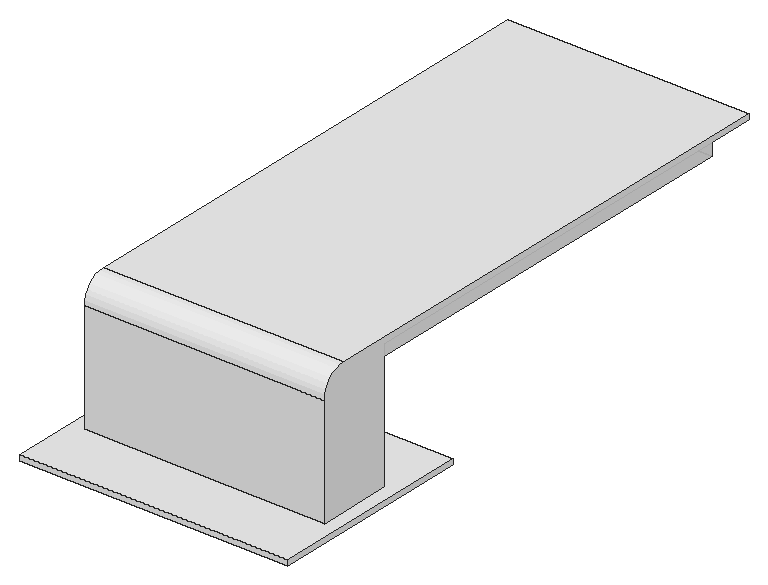
Revit family "3-535-xx - 37-535-xx - Halo (Wall Sconce)", category Lighting Fixtures, host Face, Revit 2018
Family settings
  Host = Face
  Round Connector Dimension = Use Diameter
  Part Type = Normal
  Cut with Voids When Loaded = No
  Light Source = Yes
  Shared = No
  Room Calculation Point = No
Parameters (values of type "3-535-14 / 37-535-14 - Halo")
  Wattage Comments = "13.0 W at 120 V"  # constant formula
  Wattage = 13 W
  built-in parameter 1150110 = 1 (stored number, unit not read)
  Voltage Input [instance] = "120 V or 277 V - 50/60 Hz"  # constant formula
  URL = "www.oxygenlighting.com"
  built-in parameter 1114217 = 1 (stored number, unit not read)
  Tilt Angle = 180.00°  # constant formula
  built-in parameter 1150109 = 1 (stored number, unit not read)
  built-in parameter 1150134 = (empty or 0)
  built-in parameter 1150113 = 1 (stored number, unit not read)
  References [instance] = "Ref. 3 = 120 V / Ref. 37 = 277 V"  # constant formula
  Photometric Web File = "3-535-xx Halo Sconce.ies"
  Other 2 = none
  Other 1 = none
  Model = "3-535-XX / 37-535-XX - Halo"  # constant formula
  Metal Finish = 14 - Polished Chrome
  Manufacturer = "Oxygen Lighting & Fans"  # constant formula
  Main Diffuser = Matte White Acrylic
  built-in parameter 1150105 = 56.381 (stored number, unit not read)
  Lumens = 708.5 lm
  built-in parameter 1150115 = 1 (stored number, unit not read)
  built-in parameter 1150137 = (empty or 0)
  built-in parameter 1150139 = (empty or 0)
  built-in parameter 1150112 = 1 (stored number, unit not read)
  built-in parameter 1150114 = 1 (stored number, unit not read)
  Lamp = "LED Array"  # constant formula
  built-in parameter 1150132 = (empty or 0)
  built-in parameter 1150102 = (empty or 0)
  built-in parameter 1150107 = 3000 (stored number, unit not read)
  built-in parameter 1150138 = (empty or 0)
  built-in parameter 1150106 = 0.56381 (stored number, unit not read)
  built-in parameter 1150127 = 1.00"  # constant formula
  Emit from Rectangle Length = 11.00"  # constant formula
  Emit Shape Visible in Rendering = no
  built-in parameter 1150104 = 5.0632 (stored number, unit not read)
  Dimming Lamp Color Temperature Shift = <None>
  Default Elevation = 0.00"
  Color Filter = 16777215
  Emit from Rectangle Width = 12.00"
  built-in parameter 1150133 = 10 (stored number, unit not read)
  2nd Diffuser = none
Types (5): name | Metal Finish
  (no name) | 14 - Polished Chrome
  3-535-14 / 37-535-14 - Halo | 14 - Polished Chrome
  3-535-24 / 37-535-24 - Halo | 24 - Satin Nickel
  3-535-25 / 37-535-25 - Halo | 25 - Satin Copper
  3-535-40 / 37-535-40 - Halo | 40 - Aged Brass
Reference planes (in)
  plane 1 "Center (Front/Back)": y = 0
  plane 2: z = 0
  plane 3 "Center (Left/Right)": x = 0
  plane 4 "M.C.": y = 0
  plane 5 "Light Source Height": y = 5.75
  plane 6 "Light Source Ext.": z = 2.71235
Dimensions and locks (in)
  aligned and locked: plane 2 to host face
  aligned and locked: level to host face
  aligned and locked: imposter light to plane 5 "Light Source Height"
  aligned and locked: plane 6 "Light Source Ext." to imposter light
  aligned and locked: plane 3 "Center (Left/Right)" to imposter light
Nested families (in)
  nested 1: "3-535 Halo" at (0, 0, 0), type "3-535 Halo"
Definition of nested family "3-535 Halo"
  Parameters (values of type "3-535 Halo")
    Others 2 = none
    Others 1 = none
    Metal Finish = none
    Main Diffuser = none
    2nd Diffuser = none
  Reference planes (in)
    plane 1 "Center (Front/Back)": y = 0
    plane 2: z = 0
    plane 3 "Center (Left/Right)": x = 0
    plane 4 "Top": y = 11.2378
  Forms (in)
    Extrusion 1, solid, material <- "Metal Finish"
      sketch origin (0.00205, -77.53101, 6.2) x (0, 0, 1) y (0, -1, 0)
        loop
          line (-6.2, -79.89322) -> (-6.075, -79.89322) -> (-6.075, -75.16881) -> (-6.2, -75.16881) -> (-6.2, -79.89322)
      from -3.07101 to 3.06692
    Extrusion 2, solid, material <- "Main Diffuser"
      sketch origin (0.00205, -77.53101, 6.2) x (0, 0, 1) y (0, -1, 0)
        loop
          line (-3.86516, -88.36681) -> (-3.125, -88.36681) -> (-3.125, -78.31481) -> (-3.86516, -78.31481) -> (-3.86516, -88.36681)
      from -2.26 to 2.25591
    Extrusion 3, solid, material <- "Metal Finish"
      sketch origin (0.00205, -77.53101, 6.2) x (0, 0, 1) y (0, -1, 0)
        loop
          line (-6.075, -78.31481) -> (-3.125, -78.31481) -> (-3.125, -88.76881) -> (-3, -88.76881) -> (-3, -77.16681)
          arc (-3, -77.16681) -> (-3.16109, -76.7779) -> (-3.55, -76.61681) r 0.55
          line (-3.55, -76.61681) -> (-6.075, -76.61681) -> (-6.075, -78.31481)
      from -2.76 to 2.75591
    Extrusion 4, void
      sketch origin (0, 0, 0) x (0, 1, 0) y (0, 0, 1)
        loop
          line (0.5, 3.36735) -> (0.5, 2.45984) -> (10.7108, 2.45984) -> (10.7108, 3.36735) -> (0.5, 3.36735)
      from -2.07 to 2.07281
  Cuts and joins
    Extrusion 4 cuts Extrusion 2
  Lines and regions (in)
    model lines
      curve 1: line (-4, 0, 0) -> (4, 0, 0)
      curve 2: line (0, -4, 0) -> (0, 4, 0)
    symbolic lines
      curve 3: circle (0, 0, 0) r 2 normal (0, 0, 1)
    model lines, not visible
      curve 4: line (-13.0722, 21.77075, 0) -> (-5.0722, 21.77075, 0)
      curve 5: line (-9.0722, 17.77075, 0) -> (-9.0722, 25.77075, 0)
    symbolic lines, not visible
      curve 6: circle (-9.0722, 21.77075, 0) r 2 normal (0, 0, 1)
  Text (in)
    text "M.C." at (0.88973, 1.62995, 0), in view "Ref. Level"
    text "M.C." at (-8.18247, 23.4007, 0), in view "Ref. Level", not visible
  Dimensions and locks (in)
    locked: Extrusion 1 sketch curve to Extrusion 1 sketch curve at 0.125
    locked: Extrusion 1 sketch curve to Extrusion 1 sketch curve at 4.72441
    locked: Extrusion 3 sketch curve to Extrusion 3 sketch curve at 0.125
    locked: Extrusion 3 sketch curve to Extrusion 3 sketch curve at 2.95
    locked: Extrusion 3 sketch curve to Extrusion 3 sketch curve at 1.698
    locked: Extrusion 3 sketch curve to Extrusion 3 sketch curve at 12.152
    locked: Extrusion 2 sketch curve to Extrusion 2 sketch curve at 10.052
    locked: Extrusion 2 sketch curve to Extrusion 2 sketch curve at 0.74016
    radius of Extrusion 3 sketch curve = 0.55"
    aligned and locked: plane 2 to level
    aligned and locked: Extrusion 1 to Extrusion 3
    aligned and locked: Extrusion 3 to Extrusion 2
    aligned and locked: Extrusion 2 to Extrusion 3
